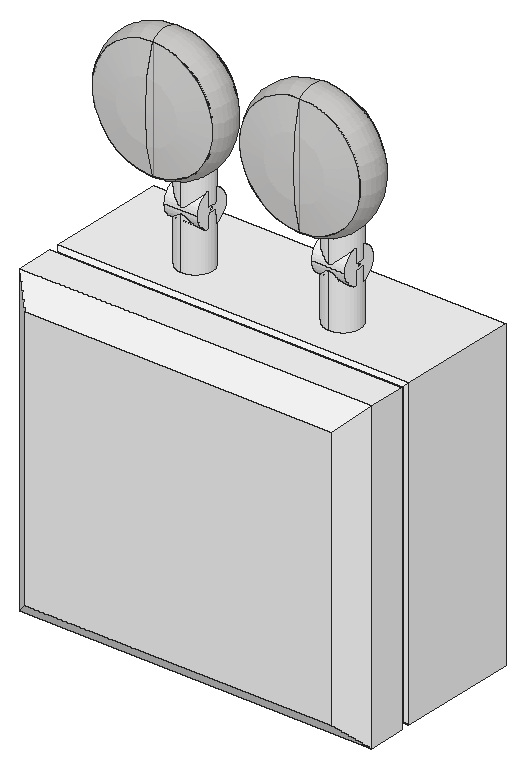
Revit family "CU2W", category Lighting Fixtures, host Face, Revit 2014
Parameters (values of type "CU2W")
  Wattage Comments = "2.7W"
  Warranty = "2 year full unit warranty"
  URL = "https://www.hubbell.com/compassproducts/en"
  Type Comments = "Light Fixture"  # constant formula
  Steel = Metal-Hubbell-Galvanized_Steel
  Product Page URL = "https://www.hubbell.com/compassproducts/en/Products/Lighting-Controls/Emergency-Exit-Lighting/Emergency-Lighting-Units/CU2W/p/245625"
  Product Doucumentation Link = "https://hubbellcdn.com/specsheet/0002_cu2w_spec.pdf"
  Photometric Web Link = "https://www.hubbell.com/compassproducts/en/Products/Lighting-Controls/Emergency-Exit-Lighting/Emergency-Lighting-Units/CU2W/p/245625#prod-photometry-section"
  Photometric Note = "For more photometric file please find the above link"
  Model = "CU2W"
  Manufacturer = "Compass Lighting A unit of Hubbell Lighting"  # constant formula
  Lamp = "LED"
  Certification = "UL924 Damp Listed, NFPA 101 and NFPA 70"
  Glass = Glass - Hubbell - White
  Features = "\t LED life-cycle of more than 10 years\r\n•\t Quick installation\r\n•\t Dual-voltage 120 or 277V AC input\r\n•\t Includes long-life 9.6VDC Nickel Cadmium battery\r\nfor UL recognized 90 minute operation\r\n•\t Remote capacity or extended runtime option\r\n•\t Wet Location Listed (0°C to 50°C)\r\n•\t Fully adjustable lamp-heads\r\n•\t Provided with water-proof test switch and\r\nAC-On indicator"  # constant formula
  Description = "Emergency lighting fixture combining LED performance and value with a compact and attractive wet location LED based emergency light."
  Default Elevation = 48.00"
  Copyrights = "© Hubbell Lighting, Inc"
  Contact Us = "https://www.hubbell.com/compassproducts/en/contactUs"
  Body = Paint - Hubbell - Matte White
  Apparent Load = 2.7 VA
Reference planes (in)
  plane 1 "Center (Front/Back)": y = 0
  plane 2: z = 0
  plane 3 "Center (Left/Right)": x = 0
  plane 4: x = -4
  plane 5: x = 4
  plane 6: y = 2.3
  plane 7: y = -2.3
  plane 8: z = 12.2
Forms (in)
  Extrusion 1, solid, material "Paint - Hubbell - Matte White" <- "Body"
    sketch origin (0, 0, 0) x (1, 0, 0) y (0, 1, 0)
      loop
        line (-4, 2.3) -> (-4, -2.3) -> (4, -2.3) -> (4, 2.3) -> (-4, 2.3)
    from 0 to 6.97662
  Sweep 2, void
    path in 3D
      loop
        line (4, -2.3, 6.97662) -> (4, -2.3, 0) -> (-4, -2.3, 0) -> (-4, -2.3, 6.97662) -> (4, -2.3, 6.97662)
    profile origin (0, -2.3, 6.97662) x (0, 1, 0) y (0, 0, 1)
      loop
        line (0, 0) -> (0, -0.5) -> (0.5, 0) -> (0, 0)
      loop
        line (1.35243, 0) -> (1.4297, -0.07727) -> (1.49423, -0.07727) -> (1.5715, 0) -> (1.35243, 0)
      loop
        line (4.61175, 0) -> (4.31898, 0) -> (4.61175, -0.29277) -> (4.61175, 0)
Cuts and joins
  Sweep 2 cuts Extrusion 1
Lines and regions (in)
  sketch lines
    curve 1: line (-4, -2.3, 6.97662) -> (4, -2.3, 6.97662)
    curve 2: line (4, -2.3, 6.97662) -> (4, -2.3, 0)
    curve 3: line (4, -2.3, 0) -> (-4, -2.3, 0)
    curve 4: line (-4, -2.3, 6.97662) -> (-4, -2.3, 0)
Dimensions and locks (in)
  plane 8 to level = 12.20"
  plane 6 to plane 7 = 4.60"
  plane 7 to plane 6 = 4.60"
  aligned and locked: plane 2 to host face
  aligned and locked: level to host face
Nested families (in)
  nested 1: "Family1" at (-1.68691, 0.29741, 6.92165), type "Family1"
  nested 2: "Family1" at (1.68691, 0.29741, 6.94367) x (-1, 0, 0) z (0, 0, 1), type "Family1"
Connectors (in)
  electrical at (0, 0.91087, 0)
    settings: on cut or joined group of Extrusion 1, Sweep 2, index 1, voltage 120 V, apparent load 2.7 VA, apparent load phase1 0 VA, apparent load phase2 0 VA, apparent load phase3 0 VA, power factor 1, load classification "Other", number of poles 1, system type 30, power factor state 1, is connector primary yes, connector utility no, sub classification motor no, connector description "Lighting Connector"
Definition of nested family "Family1"
  Parameters (values of type "Family1")
    Wattage = 9.2903 W
    built-in parameter 1150110 = 1 (stored number, unit not read)
    built-in parameter 1114217 = 1 (stored number, unit not read)
    Tilt Angle = 0.00°
    built-in parameter 1150109 = 1 (stored number, unit not read)
    built-in parameter 1150134 = 3
    built-in parameter 1150113 = 1 (stored number, unit not read)
    Steel = Metal-Hubbell-Galvanized_Steel
    Photometric Web File = "CU2W.ies"
    built-in parameter 1150105 = 28396.2 (stored number, unit not read)
    Lumens = 1380 lm
    built-in parameter 1150115 = 1 (stored number, unit not read)
    built-in parameter 1150137 = (empty or 0)
    built-in parameter 1150139 = (empty or 0)
    built-in parameter 1150112 = 1 (stored number, unit not read)
    built-in parameter 1150114 = 1 (stored number, unit not read)
    built-in parameter 1150132 = (empty or 0)
    built-in parameter 1150102 = (empty or 0)
    built-in parameter 1150107 = 3200 (stored number, unit not read)
    built-in parameter 1150138 = (empty or 0)
    built-in parameter 1150106 = 283.96 (stored number, unit not read)
    Glass = Glass - Hubbell - White
    built-in parameter 1150104 = 13.8 (stored number, unit not read)
    Dimming Lamp Color Temperature Shift = (empty or 0)
    Default Elevation = 48.00"
    Color Filter = 16777215
    Body = Paint - Hubbell - Matte White
    built-in parameter 1114218 = 1 (stored number, unit not read)
    built-in parameter 1150133 = 10 (stored number, unit not read)
  Reference planes (in)
    plane 1 "Center (Front/Back)": y = 0
    plane 2: z = 0
    plane 3 "Center (Left/Right)": x = 0
  Forms (in)
    Extrusion 1, solid
      sketch origin (0, 0, 0) x (1, 0, 0) y (0, 1, 0)
        loop
          line (-48, 48) -> (-48, -48) -> (48, -48) -> (48, 48) -> (-48, 48)
      from 0 to -12
    Revolve 2, solid, material "Metal-Hubbell-Galvanized_Steel" <- "Steel"
      sketch origin (0.00746, 1.18303, 3.73485) x (0, 0, 1) y (0, -1, 0)
        loop
          arc (-1.37379, 2.40407) -> (-1.51046, 2.02907) -> (-1.37379, 1.65407) r 0.58282
          arc (-1.37379, 1.65407) -> (-0.75563, 1.12511) -> (0, 0.82354) r 2.49103
          line (0, 0.82354) -> (0, 2.40407) -> (-1.37379, 2.40407)
        axis (0, 2.40407) -> (0, 0.82354)
      angle from 0 to 360
    Revolve 3, solid, material "Glass - Hubbell - White" <- "Glass"
      sketch origin (0.00746, 1.18303, 3.73485) x (0, 0, 1) y (0, -1, 0)
        loop
          line (0, 2.40407) -> (0, 2.6)
          arc (0, 2.6) -> (-0.69581, 2.56058) -> (-1.37493, 2.40407) r 4.10653
          line (-1.37493, 2.40407) -> (0, 2.40407)
        axis (0, 2.6) -> (0, 2.40407)
      angle from 0 to 360
    Revolve 4, solid, material "Paint - Hubbell - Matte White" <- "Body"
      sketch origin (0.00746, -0.02325, -1.47144) x (0, 1, 0) y (0, 0, 1)
        loop
          arc (-0.39452, 1.37492) -> (-0.19852, 1.43113) -> (0, 1.47769) r 4.17071
          line (0, 1.47769) -> (0, 2.39836)
          arc (0, 2.39836) -> (-0.25967, 2.48596) -> (-0.39452, 2.72453) r 0.38342
          line (-0.39452, 2.72453) -> (-0.39452, 1.37492)
        axis (0, 2.72453) -> (0, 1.37492)
      angle from 0 to 360
    Extrusion 5, solid, material "Paint - Hubbell - Matte White" <- "Body"
      sketch origin (0.00746, -0.02325, -1.47144) x (0, 1, 0) y (0, 0, 1)
        loop
          circle (0, 2.79049) r 0.4
        loop
          circle (0, 2.79049) r 0.04727
      from -0.37955 to 0.38293
    Revolve 6, solid, material "Paint - Hubbell - Matte White" <- "Body"
      sketch origin (0.00746, -0.02325, 0.34389) x (0, 1, 0) y (0, 0, 1)
        loop
          arc (-0.39452, 1.04113) -> (-0.25847, 1.28044) -> (0, 1.37516) r 0.4
          line (0, 1.37516) -> (0, 3.4479) -> (-0.39452, 3.4479) -> (-0.39452, 1.04113)
        axis (0, 3.4479) -> (0, 1.04113)
      angle from 0 to 360
  Dimensions and locks (in)
    aligned and locked: plane 2 to Extrusion 1
    aligned and locked: level to Extrusion 1
